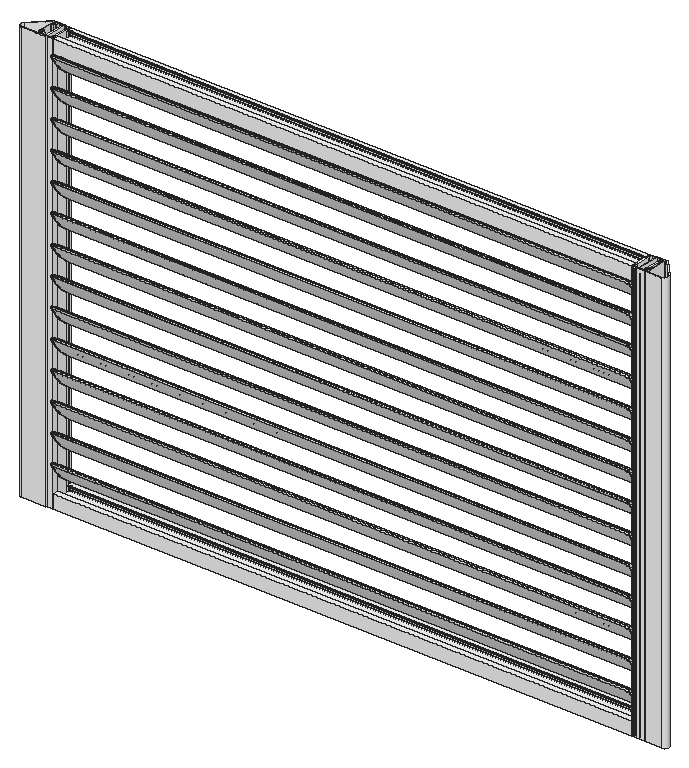
Revit family "Crealco Shadow Upright", category Generic Models, host Wall, Revit 2016
Family settings
  Host = Wall
  Part Type = Normal
  Can host rebar = No
  Round Connector Dimension = Use Diameter
  Always vertical = Yes
  Cut with Voids When Loaded = No
  Shared = No
  Room Calculation Point = No
Parameters (values of type "User Defined Size")
  Width [instance] = 2000 mm
  URL = "https://www.crealco.co.za/crealco-products.php"
  Type Comments = "Upright"  # constant formula
  Offset [instance] = 0 mm
  Model = "Shadow"  # constant formula
  Middle = 73.7 mm / 2  # 36.85 mm
  Manufacturer = "Crealco"  # constant formula
  Louvre Top Gap = 42 mm  # constant formula
  Louvre Spacing = 86.8 mm  # constant formula
  Louvre Side Gap = Jamb Side Gap + 43.3 mm  # 107.4 mm
  Louvre Length [instance] = Width - (2 * Louvre Side Gap) - 4 mm  # 1781.2 mm
  Louvre Family Width [instance] = Width - (2 * Head Sill Side Gap)  # 1787.8 mm
  Louvre Family Height [instance] = Height - (2 * 42 mm)  # 1216 mm
  Jamb Side Gap = 64.1 mm  # constant formula
  Height [instance] = 1300 mm
  Head Sill Side Gap = 106.1 mm  # constant formula
  Head Sill Length [instance] = Width - (2 * Head Sill Side Gap)  # 1787.8 mm
  Description = "Shadow Screen"  # constant formula
  Aluminium Finish [instance] = White Powder Coated Aluminium ANP 1052
Reference planes
  plane 1 "Wall": y = 0
  plane 2 "Center (Left/Right)": x = 125
  plane 3 "Back": y = 75
  plane 4: x = -875
  plane 5: x = 1125
  plane 6: y = 75
  plane 7: z = 2400
  plane 8: z = 1100
  plane 9: y = 111.85
  plane 10: x = -810.9
  plane 11: x = 1060.9
  plane 12: x = -768.9
  plane 13: x = 1018.9
  plane 14: z = 2358
Text (mm)
  text "Placement Side" at (-1848.837, 1116.779, 0), in view "Ref. Level"
  text "Placement side" at (0, 1409.804, 2854.306), in view "Left"
  text "Placement side" at (0, 499.811, 2980.732), in view "Right"
Dimensions and locks
  locked: plane 3 "Back" to host wall
  equal spacing: plane 4, plane 2 "Center (Left/Right)", plane 5
  "Width": plane 4 to plane 5
  "Height": plane 8 to plane 7
  "Offset": plane 3 "Back" to plane 6
  "Middle": plane 9 to plane 6
  "Jamb Side Gap": plane 4 to plane 10
  "Jamb Side Gap": plane 11 to plane 5
  "Head Sill Side Gap": plane 13 to plane 5
  "Head Sill Side Gap": plane 4 to plane 12
  "Louvre Top Gap": plane 7 to plane 14
  aligned and locked: plane 1 "Wall" to host wall
  aligned and locked: plane 6 to nested 1
  aligned and locked: plane 4 to nested 1
  aligned and locked: plane 7 to nested 1
  aligned and locked: nested 2 to plane 10
  aligned and locked: nested 2 to plane 9
  aligned and locked: nested 3 to plane 11
  aligned and locked: nested 3 to plane 9
  aligned and locked: plane 7 to nested 3
  aligned and locked: plane 7 to nested 2
  aligned and locked: nested 4 to plane 8
  aligned and locked: plane 7 to nested 5
  aligned and locked: nested 5 to plane 13
  aligned and locked: nested 4 to plane 12
  aligned and locked: nested 4 to plane 9
  aligned and locked: nested 5 to plane 9
  aligned and locked: plane 9 to nested 6
  aligned and locked: nested 6 to plane 5
  aligned and locked: plane 7 to nested 6
  aligned and locked: plane 14 to nested 7
  aligned and locked: nested 7 to plane 9
  aligned and locked: plane 13 to nested 7
Nested families
  nested 1: "Ellipsode Bullnose Side 1" at (-831.35, 111.85, 1100) x (-1, 0, 0) z (0, 0, 1), Profile Length <- "Height", Profile Material <- "Aluminium Finish", type "Ellipsode Bullnose Side 1"
    with Profile Material White Powder Coated Aluminium ANP 1052, Profile Length 1300 mm
  nested 2: "Ellipsode Louvre Arm Vert" at (-789.9, 111.85, 1100), Profile Length <- "Height", Profile Material <- "Aluminium Finish", type "Ellipsode Louvre Arm Vert"
    with Profile Material White Powder Coated Aluminium ANP 1052, Profile Length 1300 mm, Assembly Plate Right no, Assembly Plate Left yes
  nested 3: "Ellipsode Louvre Arm Vert" at (1039.9, 111.85, 1100), Profile Length <- "Height", Profile Material <- "Aluminium Finish", type "Ellipsode Louvre Arm Vert"
    with Profile Material White Powder Coated Aluminium ANP 1052, Profile Length 1300 mm, Assembly Plate Right yes, Assembly Plate Left yes
  nested 4: "Ellipsode Louvre Arm Vert Head Sill" at (-768.9, 111.85, 478.607), Profile Material <- "Aluminium Finish", Profile Length <- "Head Sill Length", type "Ellipsode Louvre Arm Vert Head Sill"
    with Profile Material White Powder Coated Aluminium ANP 1052, Profile Length 1787.8 mm
  nested 5: "Ellipsode Louvre Arm Vert Head Sill" at (-768.9, 111.85, 1736.607), Profile Material <- "Aluminium Finish", Profile Length <- "Head Sill Length", type "Ellipsode Louvre Arm Vert Head Sill"
    with Profile Material White Powder Coated Aluminium ANP 1052, Profile Length 1787.8 mm
  nested 6: "Ellipsode Bullnose Side 2" at (1081.35, 111.85, 1100) x (-1, 0, 0) z (0, 0, 1), Profile Material <- "Aluminium Finish", Profile Length <- "Height", type "Ellipsode Bullnose Side 2"
    with Profile Material White Powder Coated Aluminium ANP 1052, Profile Length 1300 mm
  nested 7: "Louvre Family" at (125, 111.85, 1292.956), Profile Material <- "Aluminium Finish", Height <- "Louvre Family Height", Width <- "Louvre Family Width", type "Louvre Family"
    with Width 1787.8 mm, Profile Material White Powder Coated Aluminium ANP 1052, Number Of Louvres 14, Louvre Top Gap 43.8 mm, Louvre Length 1782.2 mm, Height 1216 mm
Definition of nested family "Ellipsode Bullnose Side 1"
  Parameters (values of type "Ellipsode Bullnose Side 1")
    Width = 87.3 mm  # constant formula
    Profile Material [instance] = none
    Profile Length [instance] = 250 mm
    Depth = 73.7 mm  # constant formula
  Reference planes
    plane 1 "Center (Front/Back)": y = 0
    plane 2: z = 0
    plane 3 "Center (Left/Right)": x = 0
    plane 4: x = -43.65
    plane 5: y = 36.85
    plane 6: x = 43.65
    plane 7: y = -36.85
  Forms (mm)
    Extrusion 1, solid, material <- "Profile Material"
      sketch origin (0, 0, 0) x (1, 0, 0) y (0, 1, 0)
        loop
          line (31.661, 35.25) -> (-17.05, 35.25) -> (-17.05, 26.85) -> (-11.95, 26.85) -> (-11.95, -26.85) -> (-17.05, -26.85) -> (-17.05, -35.25) -> (-9.354, -35.25) -> (39.325, 17.82)
          arc (39.325, 17.82) -> (41.181, 29.036) -> (31.661, 35.25) r 10.4
        loop
          arc (40.504, 16.738) -> (42.646, 29.68) -> (31.661, 36.85) r 12
          line (31.661, 36.85) -> (-43.65, 36.85) -> (-43.65, 35.25) -> (-18.65, 35.25) -> (-18.65, 15.25) -> (-17.05, 15.25) -> (-17.05, 25.25) -> (-13.55, 25.25) -> (-13.55, -25.25) -> (-17.05, -25.25) -> (-17.05, -15.25) -> (-18.65, -15.25) -> (-18.65, -35.25) -> (-43.65, -35.25) -> (-43.65, -36.85) -> (-8.65, -36.85) -> (40.504, 16.738)
      from 0 to 250 <- "Profile Length"
  Dimensions and locks
    equal spacing: plane 4, plane 3 "Center (Left/Right)", plane 6
    equal spacing: plane 7, plane 1 "Center (Front/Back)", plane 5
    "Depth": plane 7 to plane 5
    "Width": plane 4 to plane 6
    aligned and locked: level to plane 2
  Automatic sketch dimensions
    Extrusion 1 sketch curve to Extrusion 1 sketch curve = 0 mm  (x3)
    plane 7 to Extrusion 1 sketch curve = 0 mm
    plane 4 to Extrusion 1 sketch curve = 0 mm  (x2)
    plane 5 to Extrusion 1 sketch curve = 1.6 mm
    Extrusion 1 sketch curve to plane 3 "Center (Left/Right)" = 18.65 mm  (x2)
    Extrusion 1 sketch curve to plane 3 "Center (Left/Right)" = 17.05 mm  (x4)
    Extrusion 1 sketch curve to plane 3 "Center (Left/Right)" = 13.55 mm
    Extrusion 1 sketch curve to Extrusion 1 sketch curve = 1.6 mm  (x3)
    Extrusion 1 sketch curve to plane 3 "Center (Left/Right)" = 9.354 mm
    Extrusion 1 sketch curve to Extrusion 1 sketch curve = 0.704 mm
    plane 6 to Extrusion 1 sketch curve = 11.989 mm
    Extrusion 1 sketch curve to Extrusion 1 sketch curve = 7.664 mm
    Extrusion 1 sketch curve to Extrusion 1 sketch curve = 1.179 mm
    Extrusion 1 sketch curve to Extrusion 1 sketch curve = 8.4 mm
    plane 1 "Center (Front/Back)" to Extrusion 1 sketch curve = 15.25 mm
    plane 5 to Extrusion 1 sketch curve = 21.6 mm
    plane 5 to Extrusion 1 sketch curve = 20.112 mm
    Extrusion 1 sketch curve to Extrusion 1 sketch curve = 1.082 mm
    plane 5 to Extrusion 1 sketch curve = 12 mm
    plane 5 to Extrusion 1 sketch curve = 11.6 mm
    plane 5 to Extrusion 1 sketch curve = 10 mm
Definition of nested family "Ellipsode Louvre Arm Vert"
  Parameters (values of type "Ellipsode Louvre Arm Vert")
    Width = 42 mm  # constant formula
    Profile Material [instance] = none
    Profile Length [instance] = 250 mm
    Depth = 70 mm  # constant formula
    Assembly Plate Right [instance] = yes
    Assembly Plate Left [instance] = yes
  Reference planes
    plane 1 "Center (Front/Back)": y = 0
    plane 2: z = 0
    plane 3 "Center (Left/Right)": x = 0
    plane 4: x = -21
    plane 5: x = 21
    plane 6: y = -35
    plane 7: y = 35
  Forms (mm)
    Extrusion 1, solid, material <- "Profile Material"
      sketch origin (0, 0, 0) x (1, 0, 0) y (0, 1, 0)
        loop
          arc (13, -31.5) -> (12.854, -31.854) -> (12.5, -32) r 0.5
          line (12.5, -32) -> (2.5, -32)
          arc (2.5, -32) -> (2.146, -31.854) -> (2, -31.5) r 0.5
          line (2, -31.5) -> (2, 31.5)
          arc (2, 31.5) -> (2.146, 31.854) -> (2.5, 32) r 0.5
          line (2.5, 32) -> (12.5, 32)
          arc (12.5, 32) -> (12.854, 31.854) -> (13, 31.5) r 0.5
          line (13, 31.5) -> (13, 24) -> (15, 24) -> (15, 32) -> (19, 32) -> (19, 19) -> (21, 19) -> (21, 35) -> (-21, 35) -> (-21, 19) -> (-19, 19) -> (-19, 32) -> (-15, 32) -> (-15, 24) -> (-13, 24) -> (-13, 31.5)
          arc (-13, 31.5) -> (-12.854, 31.854) -> (-12.5, 32) r 0.5
          line (-12.5, 32) -> (-2.5, 32)
          arc (-2.5, 32) -> (-2.146, 31.854) -> (-2, 31.5) r 0.5
          line (-2, 31.5) -> (-2, -31.5)
          arc (-2, -31.5) -> (-2.146, -31.854) -> (-2.5, -32) r 0.5
          line (-2.5, -32) -> (-12.5, -32)
          arc (-12.5, -32) -> (-12.854, -31.854) -> (-13, -31.5) r 0.5
          line (-13, -31.5) -> (-13, -24) -> (-15, -24) -> (-15, -32) -> (-19, -32) -> (-19, -19) -> (-21, -19) -> (-21, -35) -> (21, -35) -> (21, -19) -> (19, -19) -> (19, -32) -> (15, -32) -> (15, -24) -> (13, -24) -> (13, -31.5)
      from 0 to 250 <- "Profile Length"
    Extrusion 2, solid, material <- "Profile Material", visible <- "Assembly Plate Right"
      sketch origin (0, 0, 0) x (1, 0, 0) y (0, 1, 0)
        loop
          line (-18.5, 30) -> (-18.2, 29.176) -> (-18.2, 23.876) -> (-18.5, 23.1) -> (-18.5, 18.5) -> (-21, 18.5) -> (-21, -18.5) -> (-18.5, -18.5) -> (-18.5, -23.1) -> (-18.2, -23.876) -> (-18.2, -29.176) -> (-18.5, -30)
          arc (-18.5, -30) -> (-17, -31.5) -> (-15.5, -30) r 1.5
          line (-15.5, -30) -> (-15.8, -29.176) -> (-15.8, -23.876) -> (-15.5, -23.1) -> (-15.5, 23.1) -> (-15.8, 23.876) -> (-15.8, 29.176) -> (-15.5, 30)
          arc (-15.5, 30) -> (-17, 31.5) -> (-18.5, 30) r 1.5
      from 0 to 250 <- "Profile Length"
    Extrusion 3, solid, material <- "Profile Material", visible <- "Assembly Plate Left"
      sketch origin (0, 0, 0) x (1, 0, 0) y (0, 1, 0)
        loop
          arc (18.5, 30) -> (17, 31.5) -> (15.5, 30) r 1.5
          line (15.5, 30) -> (15.8, 29.176) -> (15.8, 23.876) -> (15.5, 23.1) -> (15.5, -23.1) -> (15.8, -23.876) -> (15.8, -29.176) -> (15.5, -30)
          arc (15.5, -30) -> (17, -31.5) -> (18.5, -30) r 1.5
          line (18.5, -30) -> (18.2, -29.176) -> (18.2, -23.876) -> (18.5, -23.1) -> (18.5, -18.5) -> (21, -18.5) -> (21, 18.5) -> (18.5, 18.5) -> (18.5, 23.1) -> (18.2, 23.876) -> (18.2, 29.176) -> (18.5, 30)
      from 0 to 250 <- "Profile Length"
  Dimensions and locks
    equal spacing: plane 4, plane 3 "Center (Left/Right)", plane 5
    "Width": plane 4 to plane 5
    equal spacing: plane 7, plane 1 "Center (Front/Back)", plane 6
    "Depth": plane 7 to plane 6
    aligned and locked: level to plane 2
  Automatic sketch dimensions
    Extrusion 1 sketch curve to plane 5 = 42 mm  (x2)
    Extrusion 1 sketch curve to Extrusion 1 sketch curve = 2 mm  (x8)
    Extrusion 1 sketch curve to Extrusion 1 sketch curve = 4 mm  (x5)
    Extrusion 1 sketch curve to Extrusion 1 sketch curve = 0.5 mm  (x9)
    Extrusion 1 sketch curve to Extrusion 1 sketch curve = 10 mm  (x4)
    plane 1 "Center (Front/Back)" to Extrusion 1 sketch curve = 35 mm
    Extrusion 1 sketch curve to Extrusion 1 sketch curve = 3 mm  (x3)
    Extrusion 1 sketch curve to Extrusion 1 sketch curve = 0 mm  (x2)
    Extrusion 1 sketch curve to Extrusion 1 sketch curve = 7.5 mm  (x4)
    Extrusion 1 sketch curve to Extrusion 1 sketch curve = 5 mm  (x4)
    Extrusion 1 sketch curve to plane 7 = 16 mm  (x2)
    Extrusion 2 sketch curve to plane 7 = 16.5 mm
    Extrusion 2 sketch curve to plane 4 = 0 mm
    Extrusion 2 sketch curve to Extrusion 2 sketch curve = 2.5 mm  (x2)
    Extrusion 2 sketch curve to Extrusion 2 sketch curve = 0 mm  (x4)
    Extrusion 2 sketch curve to plane 7 = 5 mm
    Extrusion 2 sketch curve to Extrusion 2 sketch curve = 0.3 mm  (x4)
    Extrusion 2 sketch curve to Extrusion 2 sketch curve = 1.2 mm  (x2)
    Extrusion 2 sketch curve to Extrusion 2 sketch curve = 2.4 mm
    Extrusion 2 sketch curve to plane 7 = 11.9 mm
    Extrusion 2 sketch curve to plane 6 = 5 mm
    Extrusion 2 sketch curve to Extrusion 2 sketch curve = 0.824 mm  (x4)
    Extrusion 2 sketch curve to Extrusion 2 sketch curve = 5.3 mm
    Extrusion 2 sketch curve to Extrusion 2 sketch curve = 0.776 mm  (x4)
    Extrusion 2 sketch curve to Extrusion 2 sketch curve = 4.6 mm
    Extrusion 3 sketch curve to plane 5 = 5.5 mm
    Extrusion 3 sketch curve to Extrusion 3 sketch curve = 0 mm  (x4)
    Extrusion 3 sketch curve to plane 7 = 5 mm
    Extrusion 3 sketch curve to Extrusion 3 sketch curve = 0.3 mm  (x5)
    Extrusion 3 sketch curve to plane 7 = 11.124 mm  (x2)
    Extrusion 3 sketch curve to Extrusion 3 sketch curve = 1.2 mm  (x2)
    Extrusion 3 sketch curve to Extrusion 3 sketch curve = 2.4 mm
    Extrusion 3 sketch curve to Extrusion 3 sketch curve = 2.5 mm
    Extrusion 3 sketch curve to Extrusion 3 sketch curve = 0.776 mm  (x4)
    Extrusion 3 sketch curve to Extrusion 3 sketch curve = 4.6 mm  (x2)
    plane 1 "Center (Front/Back)" to Extrusion 3 sketch curve = 18.5 mm
    Extrusion 3 sketch curve to Extrusion 3 sketch curve = 5.3 mm
    Extrusion 3 sketch curve to Extrusion 3 sketch curve = 0.824 mm
    Extrusion 3 sketch curve to plane 7 = 5.824 mm  (x2)
Definition of nested family "Ellipsode Louvre Arm Vert Head Sill"
  Parameters (values of type "Ellipsode Louvre Arm Vert Head Sill")
    Profile Material [instance] = none
    Profile Length [instance] = 250 mm
  Reference planes
    plane 1 "Center (Front/Back)": y = 0
    plane 2: z = 0
    plane 3 "Center (Left/Right)": x = 0
  Forms (mm)
    Extrusion 1, solid, material <- "Profile Material"
      sketch origin (0, 0, 0) x (0, 1, 0) y (0, 0, 1)
        loop
          arc (-31.5, 629.393) -> (-31.854, 629.539) -> (-32, 629.893) r 0.5
          line (-32, 629.893) -> (-32, 639.893)
          arc (-32, 639.893) -> (-31.854, 640.246) -> (-31.5, 640.393) r 0.5
          line (-31.5, 640.393) -> (31.5, 640.393)
          arc (31.5, 640.393) -> (31.854, 640.246) -> (32, 639.893) r 0.5
          line (32, 639.893) -> (32, 629.893)
          arc (32, 629.893) -> (31.854, 629.539) -> (31.5, 629.393) r 0.5
          line (31.5, 629.393) -> (24, 629.393) -> (24, 627.393) -> (32, 627.393) -> (32, 623.393) -> (19, 623.393) -> (19, 621.393) -> (35, 621.393) -> (35, 663.393) -> (19, 663.393) -> (19, 661.393) -> (32, 661.393) -> (32, 657.393) -> (24, 657.393) -> (24, 655.393) -> (31.5, 655.393)
          arc (31.5, 655.393) -> (31.854, 655.246) -> (32, 654.893) r 0.5
          line (32, 654.893) -> (32, 644.893)
          arc (32, 644.893) -> (31.854, 644.539) -> (31.5, 644.393) r 0.5
          line (31.5, 644.393) -> (-31.5, 644.393)
          arc (-31.5, 644.393) -> (-31.854, 644.539) -> (-32, 644.893) r 0.5
          line (-32, 644.893) -> (-32, 654.893)
          arc (-32, 654.893) -> (-31.854, 655.246) -> (-31.5, 655.393) r 0.5
          line (-31.5, 655.393) -> (-24, 655.393) -> (-24, 657.393) -> (-32, 657.393) -> (-32, 661.393) -> (-19, 661.393) -> (-19, 663.393) -> (-35, 663.393) -> (-35, 621.393) -> (-19, 621.393) -> (-19, 623.393) -> (-32, 623.393) -> (-32, 627.393) -> (-24, 627.393) -> (-24, 629.393) -> (-31.5, 629.393)
      from 0 to 250 <- "Profile Length"
  Dimensions and locks
    aligned and locked: level to plane 2
Definition of nested family "Ellipsode Bullnose Side 2"
  Parameters (values of type "Ellipsode Bullnose Side 2")
    Width = 87.3 mm  # constant formula
    Profile Material [instance] = none
    Profile Length [instance] = 250 mm
    Depth = 73.7 mm  # constant formula
  Reference planes
    plane 1 "Center (Front/Back)": y = 0
    plane 2: z = 0
    plane 3 "Center (Left/Right)": x = 0
    plane 4: x = -43.65
    plane 5: y = 36.85
    plane 6: x = 43.65
    plane 7: y = -36.85
  Forms (mm)
    Extrusion 1, solid, material <- "Profile Material"
      sketch origin (0, 0, 0) x (1, 0, 0) y (0, 1, 0)
        loop
          arc (-31.661, 35.25) -> (-41.181, 29.036) -> (-39.325, 17.82) r 10.4
          line (-39.325, 17.82) -> (9.354, -35.25) -> (17.05, -35.25) -> (17.05, -26.85) -> (11.95, -26.85) -> (11.95, 26.85) -> (17.05, 26.85) -> (17.05, 35.25) -> (-31.661, 35.25)
        loop
          line (-40.504, 16.738) -> (8.65, -36.85) -> (43.65, -36.85) -> (43.65, -35.25) -> (18.65, -35.25) -> (18.65, -15.25) -> (17.05, -15.25) -> (17.05, -25.25) -> (13.55, -25.25) -> (13.55, 25.25) -> (17.05, 25.25) -> (17.05, 15.25) -> (18.65, 15.25) -> (18.65, 35.25) -> (43.65, 35.25) -> (43.65, 36.85) -> (-31.661, 36.85)
          arc (-31.661, 36.85) -> (-42.646, 29.68) -> (-40.504, 16.738) r 12
      from 0 to 250 <- "Profile Length"
  Dimensions and locks
    equal spacing: plane 4, plane 3 "Center (Left/Right)", plane 6
    equal spacing: plane 7, plane 1 "Center (Front/Back)", plane 5
    "Depth": plane 7 to plane 5
    "Width": plane 4 to plane 6
    aligned and locked: level to plane 2
  Automatic sketch dimensions
    Extrusion 1 sketch curve to Extrusion 1 sketch curve = 0 mm  (x4)
    plane 5 to Extrusion 1 sketch curve = 0 mm
    Extrusion 1 sketch curve to plane 7 = 0 mm
    Extrusion 1 sketch curve to plane 6 = 0 mm  (x2)
    plane 3 "Center (Left/Right)" to Extrusion 1 sketch curve = 18.65 mm  (x2)
    plane 7 to Extrusion 1 sketch curve = 1.6 mm  (x2)
    Extrusion 1 sketch curve to Extrusion 1 sketch curve = 1.6 mm  (x6)
    Extrusion 1 sketch curve to Extrusion 1 sketch curve = 3.5 mm
    Extrusion 1 sketch curve to Extrusion 1 sketch curve = 7.696 mm
    Extrusion 1 sketch curve to Extrusion 1 sketch curve = 0.704 mm
    plane 4 to Extrusion 1 sketch curve = 11.989 mm
    plane 4 to Extrusion 1 sketch curve = 4.325 mm
    Extrusion 1 sketch curve to Extrusion 1 sketch curve = 1.179 mm
    Extrusion 1 sketch curve to Extrusion 1 sketch curve = 8.4 mm
    Extrusion 1 sketch curve to Extrusion 1 sketch curve = 10 mm  (x2)
    Extrusion 1 sketch curve to plane 1 "Center (Front/Back)" = 15.25 mm
    Extrusion 1 sketch curve to plane 1 "Center (Front/Back)" = 16.738 mm
    Extrusion 1 sketch curve to Extrusion 1 sketch curve = 1.082 mm
Definition of nested family "Louvre Family"
  Parameters (values of type "Louvre Family")
    Width [instance] = 600 mm
    Profile Material [instance] = none
    Number Of Louvres [instance] = Height / Louvre Spacing  # 10
    Louvre Top Gap [instance] = (Height - (Number Of Louvres - 1) * Louvre Spacing) / 2  # 59.4 mm
    Louvre Spacing = 86.8 mm  # constant formula
    Louvre Side Gap = 0.8 mm  # constant formula
    Louvre Length [instance] = Width - (2 * Louvre Side Gap) - 4 mm  # 594.4 mm
    Height [instance] = 900 mm
  Reference planes
    plane 1 "Center (Front/Back)": y = 0
    plane 2: z = 0
    plane 3 "Center (Left/Right)": x = 0
    plane 4: x = -300
    plane 5: x = 300
    plane 6: z = 1065.044
    plane 7: z = 165.044
    plane 8: z = 615.044
    plane 9: z = 1005.644
    plane 10: x = -299.2
    plane 11: x = 299.2
  Dimensions and locks
    equal spacing: plane 4, plane 3 "Center (Left/Right)", plane 5
    "Width": plane 4 to plane 5
    equal spacing: plane 6, plane 8, plane 7
    "Height": plane 6 to plane 7
    "Louvre Top Gap": plane 6 to plane 9
    "Louvre Side Gap": plane 10 to plane 4
    "Louvre Side Gap": plane 11 to plane 5
    equal spacing: group 1, group 2, group 3, group 4, group 5, group 6, group 7, group 8, group 9, group 10  (x2)
    equal spacing: group 10, group 9, group 8, group 7, group 6, group 5, group 4, group 3, group 2, group 1
    "Louvre Spacing": plane 9 to nested 2
    aligned and locked: level to plane 2
    aligned and locked: plane 9 to nested 1
    aligned and locked: plane 1 "Center (Front/Back)" to nested 1
    aligned and locked: nested 1 to plane 10
    aligned and locked: plane 1 "Center (Front/Back)" to nested 2
    aligned and locked: nested 2 to plane 10
  Nested families
    nested 1: "Ellipsode Louvre Blade" at (-297.2, 0, 357.636), Profile Material <- "Profile Material", Profile Length <- "Louvre Length", type "Ellipsode Louvre Blade"
      with Profile Material none, Profile Length 594.4 mm
    nested 2: "Ellipsode Louvre Blade" at (-297.2, 0, 270.836), Profile Material <- "Profile Material", Profile Length <- "Louvre Length", type "Ellipsode Louvre Blade"
      with Profile Material none, Profile Length 594.4 mm
    nested 3: "Ellipsode Louvre Blade" at (-297.2, 0, 184.036), Profile Material <- "Profile Material", Profile Length <- "Louvre Length", type "Ellipsode Louvre Blade"
      with Profile Material none, Profile Length 594.4 mm
    nested 4: "Ellipsode Louvre Blade" at (-297.2, 0, 97.236), Profile Material <- "Profile Material", Profile Length <- "Louvre Length", type "Ellipsode Louvre Blade"
      with Profile Material none, Profile Length 594.4 mm
    nested 5: "Ellipsode Louvre Blade" at (-297.2, 0, 10.436), Profile Material <- "Profile Material", Profile Length <- "Louvre Length", type "Ellipsode Louvre Blade"
      with Profile Material none, Profile Length 594.4 mm
    nested 6: "Ellipsode Louvre Blade" at (-297.2, 0, -76.364), Profile Material <- "Profile Material", Profile Length <- "Louvre Length", type "Ellipsode Louvre Blade"
      with Profile Material none, Profile Length 594.4 mm
    nested 7: "Ellipsode Louvre Blade" at (-297.2, 0, -163.164), Profile Material <- "Profile Material", Profile Length <- "Louvre Length", type "Ellipsode Louvre Blade"
      with Profile Material none, Profile Length 594.4 mm
    nested 8: "Ellipsode Louvre Blade" at (-297.2, 0, -249.964), Profile Material <- "Profile Material", Profile Length <- "Louvre Length", type "Ellipsode Louvre Blade"
      with Profile Material none, Profile Length 594.4 mm
    nested 9: "Ellipsode Louvre Blade" at (-297.2, 0, -336.764), Profile Material <- "Profile Material", Profile Length <- "Louvre Length", type "Ellipsode Louvre Blade"
      with Profile Material none, Profile Length 594.4 mm
    nested 10: "Ellipsode Louvre Blade" at (-297.2, 0, -423.564), Profile Material <- "Profile Material", Profile Length <- "Louvre Length", type "Ellipsode Louvre Blade"
      with Profile Material none, Profile Length 594.4 mm
  Definition of nested family "Ellipsode Louvre Blade"
    Parameters (values of type "Ellipsode Louvre Blade")
      Profile Material [instance] = none
      Profile Length [instance] = 250 mm
      Angle = 135.00°  # constant formula
    Reference planes
      plane 1 "Center (Front/Back)": y = 0
      plane 2: z = 0
      plane 3 "Center (Left/Right)": x = 0
      plane 4: z = 648.007
      plane 5: z = 688.936
      plane 6: z = 607.079
    Forms (mm)
      Extrusion 1, solid, material <- "Profile Material"
        sketch origin (0, -174.875, 38.146) x (0, 0.961262, -0.275637) y (0, 0.275637, 0.961262)
          loop
            arc (4.681, 644.533) -> (-18.439, 654.976) -> (-42.886, 661.749) r 164.872
            line (-42.886, 661.749) -> (-43.425, 660.778)
            arc (-43.425, 660.778) -> (-43.713, 660.48) -> (-44.111, 660.366) r 0.8
            line (-44.111, 660.366) -> (-44.93, 660.385)
            arc (-44.93, 660.385) -> (-45.24, 660.917) -> (-44.917, 661.441) r 0.6
            arc (-44.917, 661.441) -> (-45.675, 662.157) -> (-46.684, 662.421) r 2.1
            arc (-46.684, 662.421) -> (-47.117, 661.798) -> (-47.814, 662.097) r 0.6
            arc (-47.814, 662.097) -> (-48.53, 661.339) -> (-48.793, 660.33) r 2.1
            arc (-48.793, 660.33) -> (-48.17, 659.897) -> (-48.469, 659.2) r 0.6
            arc (-48.469, 659.2) -> (-47.711, 658.484) -> (-46.703, 658.221) r 2.1
            arc (-46.703, 658.221) -> (-46.429, 658.772) -> (-45.813, 658.792) r 0.6
            line (-45.813, 658.792) -> (-45.363, 658.107)
            arc (-45.363, 658.107) -> (-45.249, 657.709) -> (-45.349, 657.307) r 0.8
            line (-45.349, 657.307) -> (-45.887, 656.335)
            arc (-45.887, 656.335) -> (-27.188, 639.192) -> (-6.08, 625.119) r 164.872
            line (-6.08, 625.119) -> (-3.387, 629.978)
            arc (-3.387, 629.978) -> (-4.898, 637.153) -> (1.987, 639.674) r 5.6
            line (1.987, 639.674) -> (4.681, 644.533)
          loop
            arc (45.887, 612.541) -> (27.188, 629.685) -> (6.08, 643.757) r 164.873
            line (6.08, 643.757) -> (3.387, 638.898)
            arc (3.387, 638.898) -> (4.383, 637.924) -> (5.107, 636.735) r 5.6
            arc (5.107, 636.735) -> (5.093, 636.13) -> (4.613, 635.763) r 0.7
            arc (4.613, 635.763) -> (4.101, 635.774) -> (3.734, 636.131) r 0.7
            arc (3.734, 636.131) -> (-3.586, 636.426) -> (0.543, 630.374) r 4.1
            arc (0.543, 630.374) -> (1.04, 630.252) -> (1.321, 629.824) r 0.7
            arc (1.321, 629.824) -> (1.264, 629.222) -> (0.759, 628.89) r 0.7
            arc (0.759, 628.89) -> (-0.634, 628.874) -> (-1.987, 629.203) r 5.6
            line (-1.987, 629.203) -> (-4.681, 624.344)
            arc (-4.681, 624.344) -> (18.439, 613.9) -> (42.886, 607.127) r 164.873
            line (42.886, 607.127) -> (43.425, 608.099)
            arc (43.425, 608.099) -> (43.713, 608.396) -> (44.111, 608.511) r 0.8
            line (44.111, 608.511) -> (44.93, 608.492)
            arc (44.93, 608.492) -> (45.24, 607.959) -> (44.917, 607.435) r 0.6
            arc (44.917, 607.435) -> (45.675, 606.719) -> (46.684, 606.456) r 2.1
            arc (46.684, 606.456) -> (47.117, 607.079) -> (47.814, 606.78) r 0.6
            arc (47.814, 606.78) -> (48.53, 607.538) -> (48.793, 608.546) r 2.1
            arc (48.793, 608.546) -> (48.17, 608.979) -> (48.469, 609.676) r 0.6
            arc (48.469, 609.676) -> (47.711, 610.392) -> (46.703, 610.656) r 2.1
            arc (46.703, 610.656) -> (46.429, 610.105) -> (45.813, 610.085) r 0.6
            line (45.813, 610.085) -> (45.363, 610.77)
            arc (45.363, 610.77) -> (45.249, 611.168) -> (45.349, 611.57) r 0.8
            line (45.349, 611.57) -> (45.887, 612.541)
          loop
            arc (47.512, 604.871) -> (50.624, 606.377) -> (50.252, 609.814) r 3
            arc (50.252, 609.814) -> (6.06, 645.371) -> (-47.512, 664.005) r 166.273
            arc (-47.512, 664.005) -> (-50.624, 662.499) -> (-50.252, 659.063) r 3
            arc (-50.252, 659.063) -> (-6.06, 623.505) -> (47.512, 604.871) r 166.273
        from 0 to 250 <- "Profile Length"
      Extrusion 2, solid, material <- "Profile Material"
        sketch origin (250, -174.875, 38.146) x (0, 0.961262, -0.275637) y (0, 0.275637, 0.961262)
          loop
            arc (47.512, 604.871) -> (50.624, 606.377) -> (50.252, 609.814) r 3
            arc (50.252, 609.814) -> (6.06, 645.371) -> (-47.512, 664.005) r 166.273
            arc (-47.512, 664.005) -> (-50.624, 662.499) -> (-50.252, 659.063) r 3
            arc (-50.252, 659.063) -> (-6.06, 623.505) -> (47.512, 604.871) r 166.273
        from 0 to 2
      Extrusion 3, solid, material <- "Profile Material"
        sketch origin (0, -174.875, 38.146) x (0, -0.961262, 0.275637) y (0, 0.275637, 0.961262)
          loop
            arc (50.252, 659.063) -> (50.624, 662.499) -> (47.512, 664.005) r 3
            arc (47.512, 664.005) -> (-6.06, 645.371) -> (-50.252, 609.814) r 166.273
            arc (-50.252, 609.814) -> (-50.624, 606.377) -> (-47.512, 604.871) r 3
            arc (-47.512, 604.871) -> (6.06, 623.505) -> (50.252, 659.063) r 166.273
        from 0 to 2
    Dimensions and locks
      equal spacing: plane 6, plane 4, plane 5
      aligned and locked: level to plane 2
    Automatic sketch dimensions
      Extrusion 1 sketch curve to Extrusion 1 sketch curve = 0 mm  (x42)
      Extrusion 1 sketch curve to plane 1 "Center (Front/Back)" = 0 mm
      plane 1 "Center (Front/Back)" to Extrusion 1 sketch curve = 108.734 mm
      plane 6 to Extrusion 1 sketch curve = 67.806 mm
      Extrusion 1 sketch curve to Extrusion 1 sketch curve = 25.804 mm
      Extrusion 1 sketch curve to Extrusion 1 sketch curve = 0.747 mm  (x2)
      Extrusion 1 sketch curve to Extrusion 1 sketch curve = 0.718 mm
      Extrusion 1 sketch curve to Extrusion 1 sketch curve = 1.307 mm  (x2)
      Extrusion 1 sketch curve to Extrusion 1 sketch curve = 0.589 mm  (x2)
      Extrusion 1 sketch curve to Extrusion 1 sketch curve = 0.056 mm  (x2)
      Extrusion 1 sketch curve to Extrusion 1 sketch curve = 0.161 mm
      Extrusion 1 sketch curve to Extrusion 1 sketch curve = 0.291 mm  (x3)
      Extrusion 1 sketch curve to Extrusion 1 sketch curve = 0.741 mm
      Extrusion 1 sketch curve to Extrusion 1 sketch curve = 0.014 mm  (x2)
      Extrusion 1 sketch curve to Extrusion 1 sketch curve = 1.763 mm  (x2)
      Extrusion 1 sketch curve to Extrusion 1 sketch curve = 0.515 mm  (x2)
      Extrusion 1 sketch curve to Extrusion 1 sketch curve = 0.529 mm
      Extrusion 1 sketch curve to Extrusion 1 sketch curve = 0.7 mm  (x3)
      Extrusion 1 sketch curve to Extrusion 1 sketch curve = 0.538 mm  (x3)
      Extrusion 1 sketch curve to Extrusion 1 sketch curve = 39.807 mm
      Extrusion 1 sketch curve to Extrusion 1 sketch curve = 1.399 mm  (x4)
      Extrusion 1 sketch curve to Extrusion 1 sketch curve = 2.693 mm  (x2)
      Extrusion 1 sketch curve to Extrusion 1 sketch curve = 1.987 mm  (x2)
      Extrusion 1 sketch curve to Extrusion 1 sketch curve = 2.623 mm
      Extrusion 1 sketch curve to Extrusion 1 sketch curve = 0.028 mm  (x2)
      Extrusion 1 sketch curve to Extrusion 1 sketch curve = 0.985 mm
      Extrusion 1 sketch curve to Extrusion 1 sketch curve = 0.097 mm  (x2)
      Extrusion 1 sketch curve to Extrusion 1 sketch curve = 42.223 mm
      Extrusion 1 sketch curve to Extrusion 1 sketch curve = 0.686 mm
      Extrusion 1 sketch curve to Extrusion 1 sketch curve = 0.418 mm
      Extrusion 1 sketch curve to Extrusion 1 sketch curve = 0.451 mm
      Extrusion 1 sketch curve to Extrusion 1 sketch curve = 68.47 mm
      Extrusion 1 sketch curve to Extrusion 1 sketch curve = 27.936 mm
      Extrusion 1 sketch curve to Extrusion 1 sketch curve = 0.625 mm
      Extrusion 1 sketch curve to Extrusion 1 sketch curve = 0.584 mm
      Extrusion 1 sketch curve to Extrusion 1 sketch curve = 1.329 mm  (x2)
      Extrusion 1 sketch curve to Extrusion 1 sketch curve = 0.256 mm  (x2)
      Extrusion 1 sketch curve to Extrusion 1 sketch curve = 0.388 mm  (x2)
      Extrusion 1 sketch curve to Extrusion 1 sketch curve = 0.525 mm  (x3)
      Extrusion 1 sketch curve to Extrusion 1 sketch curve = 0.724 mm  (x2)
      Extrusion 1 sketch curve to Extrusion 1 sketch curve = 1.313 mm
      Extrusion 1 sketch curve to Extrusion 1 sketch curve = 1.529 mm  (x2)
      Extrusion 1 sketch curve to Extrusion 1 sketch curve = 0.16 mm
      Extrusion 1 sketch curve to Extrusion 1 sketch curve = 0.572 mm  (x2)
      Extrusion 1 sketch curve to Extrusion 1 sketch curve = 0.971 mm  (x2)
      Extrusion 1 sketch curve to Extrusion 1 sketch curve = 10.094 mm
      Extrusion 1 sketch curve to Extrusion 1 sketch curve = 0.776 mm  (x4)
      Extrusion 1 sketch curve to Extrusion 1 sketch curve = 4.859 mm
      Extrusion 1 sketch curve to Extrusion 1 sketch curve = 0.381 mm
      Extrusion 1 sketch curve to Extrusion 1 sketch curve = 3.254 mm
      Extrusion 1 sketch curve to Extrusion 1 sketch curve = 1.465 mm
      Extrusion 1 sketch curve to Extrusion 1 sketch curve = 1.383 mm
      Extrusion 1 sketch curve to Extrusion 1 sketch curve = 0.019 mm
      Extrusion 1 sketch curve to Extrusion 1 sketch curve = 0.412 mm
      Extrusion 1 sketch curve to Extrusion 1 sketch curve = 1.505 mm
      Extrusion 1 sketch curve to Extrusion 1 sketch curve = 0.046 mm
      Extrusion 1 sketch curve to Extrusion 1 sketch curve = 0.278 mm  (x3)
      Extrusion 1 sketch curve to Extrusion 1 sketch curve = 0.532 mm  (x2)
      Extrusion 1 sketch curve to Extrusion 1 sketch curve = 0.598 mm  (x4)
      Extrusion 1 sketch curve to Extrusion 1 sketch curve = 0.093 mm
      Extrusion 1 sketch curve to Extrusion 1 sketch curve = 0.241 mm
      radius of Extrusion 2 sketch curve to Extrusion 1 = 0 mm  (x4)
      radius of Extrusion 3 sketch curve to Extrusion 1 = 0 mm  (x4)
